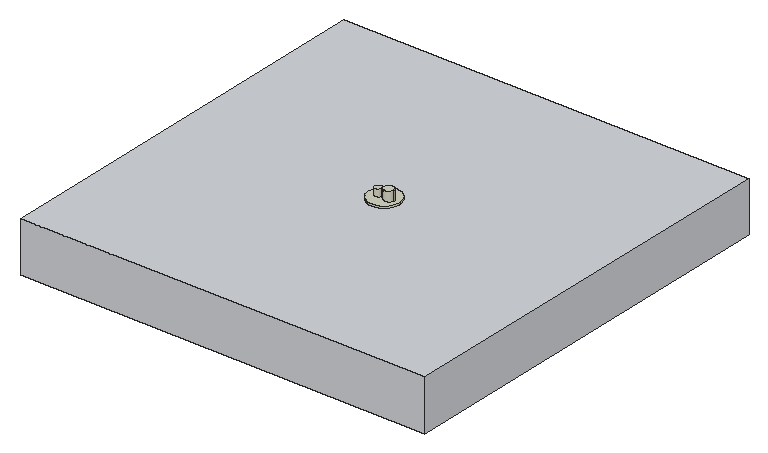
Revit family "OLDIS_ConceptEasyBox_A5879_BIM_GB", category Plumbing Fixtures, host Face, Revit 2012
Parameters (values of type "A5879AA - Concept Easybox Slim Built-in Thermostatic Bath Shower Mixer Round Faceplate")
  WorkingPressure = "n/a"
  WaterEfficientProduct = no
  WarrantyStartDate = "1900-12-31T23:59:59"
  WarrantyGuarantorParts = "Productinfo@thebluebook.co.uk"
  WarrantyGuarantorLabor = "n/a"
  WarrantyDurationUnit = "year"
  WarrantyDurationParts = "5"
  WarrantyDurationLabor = "n/a"
  WarrantyDescription = "Manufacturers warranty"
  WRAS = no
  VolumeUnits = "Litres"
  Version = "1"
  Uniclass2 = "Pr_40_20_87_81"
  URL = "www.idealspec.co.uk"
  Type Comments = "n/a"
  TestPressure = "10 Bar"
  TagNumber = "n/a"
  TMV3 = no
  SustainabilityPerformance = "Can be recycled"
  SpareParts = "www.fastpart-spares.co.uk"
  Space = "Internal"
  Size = "164 x 185 x 185 mm"
  Shape = "Sculptured"
  SerialNumber = "n/a"
  Revision = "n/a"
  ReplacementCost = "n/a"
  Reference = "n/a"
  ProductInformation = "www.idealspec.co.uk/assets/datasheet/A5879AA"
  Phone = "01482 346 461"
  NominalWidth = 185 mm
  NominalLength = 185 mm
  NominalHeight = 164 mm
  NettWeight = "3 Kg"
  Name = "ShowerMixers_ConceptEasyBox_A5879_IdealStandard"
  NBSTypeID = "n/a"
  NBSReference = "45-35-70/335"
  NBSOfficeMasterTag = "n/a"
  NBSNote = "n/a"
  NBSDescription = "Shower mixers"
  NBSCertification = "n/a"
  ModelReference = "Concept easybox slim built-in thermostatic bath shower mixer round faceplate"
  ModelNumber = "A5879AA"
  Model = "A5879AA"
  ManufacturerURL = "www.idealspec.co.uk"
  Manufacturer = "productinfo@thebluebook.co.uk"
  LinearUnits = "millimeters"
  InstallationInstructions = "www.idealspec.co.uk/resources.html"
  InstallationDate = "1900-12-31T23:59:59"
  IfcExportType = "FAUCET"
  IfcExportAs = "IfcValveType"
  Help = "Productinfo@thebluebook.co.uk"
  GrossWeight = "n/a"
  Grade = "n/a"
  Finish = "Chrome"
  Features = "Slim built-in thermostatic bath shower mixer round faceplate"
  FaucetType = "Other"
  FaucetTopDescription = "Handwheels"
  FaucetOperation = "Other"
  FaucetFunction = "MIXED"
  ExpectedLife = "30"
  ECA = no
  DurationUnit = "year"
  Description = "Concept easybox slim built-in thermostatic bath shower mixer round faceplate"
  Default Elevation = 1100 mm
  Currency Units = "n/a"
  CreatedBy = "Ideal Standard (UK) Ltd"
  Constituents = "n/a"
  ConnectionType = "Plumbing"
  Brand = "Ideal Standard"
  BarCode = "4015413330213"
  BREEAM = no
  BIMObjectName = "ISI_IdealStandard_ShowerMixers_ConceptEasyBox_A5879"
  Author = "Ideal Standard (UK) Ltd"
  AssetType = "Fixed"
  AssetIdentifier = "n/a"
  Assembly Code = "C1030200"
  AreaUnits = "millimeters"
  AreaMeasurement = "n/a"
  AccessibilityPerformance = "n/a"
Reference planes
  plane 1 "Center (Front/Back)": y = 0
  plane 2: z = 0
  plane 3 "Center (Left/Right)": x = 0
  plane 4: x = -67.5
  plane 5: x = 92.5
  plane 6: y = 92.5
  plane 7: y = -92.5
  plane 8: x = -92.5
  plane 9: x = 28
  plane 10: y = 55
  plane 11: y = -55
  plane 12: x = -37
  plane 13: z = -50
Forms (mm)
  Extrusion 1, solid
    sketch origin (0, 0, 0) x (1, 0, 0) y (0, 1, 0)
      loop
        line (-1219.2, 1219.2) -> (-1219.2, -1219.2) -> (1219.2, -1219.2) -> (1219.2, 1219.2) -> (-1219.2, 1219.2)
    from 0 to -304.8
  Extrusion 2, solid, detail levels medium+fine
    sketch origin (15, 2.233, 0) x (1, 0, 0) y (0, 1, 0)
      loop
        line (-82.5, 52.767) -> (-82.5, -57.233) -> (53.5, -57.233) -> (53.5, 52.767) -> (-82.5, 52.767)
    from 0 to -100.188
  Extrusion 3, void
    sketch origin (-67.5, -100, 1219.2) x (0, 1, 0) y (0, 0, 1)
      loop
        circle (100, -1269.2) r 10.5
    from 0 to 10
  Extrusion 4, solid, material "ISI_IdealStandard_Brassware_Chrome3_Render", detail levels medium+fine
    sketch origin (0, 0, 0) x (1, 0, 0) y (0, 1, 0)
      loop
        circle (0, 0) r 92.5
    from 0 to 10
  Extrusion 5, solid, material "ISI_IdealStandard_Brassware_Chrome3_Render", detail levels medium+fine
    sketch origin (0, 0, 0) x (1, 0, 0) y (0, 1, 0)
      loop
        circle (28, 0) r 28
    from 0 to 63
  Extrusion 6, solid, material "ISI_IdealStandard_Brassware_Chrome3_Render", detail levels medium+fine
    sketch origin (0, 0, 0) x (1, 0, 0) y (0, 1, 0)
      loop
        circle (-37, 0) r 20
    from 0 to 47
  Extrusion 7, void
    sketch origin (68.5, 55, 1219.2) x (-1, 0, 0) y (0, 0, 1)
      loop
        circle (68.5, -1269.2) r 10.5
    from 0 to -10
  Extrusion 8, void
    sketch origin (68.5, -55, 1219.2) x (-1, 0, 0) y (0, 0, -1)
      loop
        circle (68.5, 1269.2) r 10.5
    from 0 to -10
Cuts and joins
  Extrusion 3, Extrusion 7, Extrusion 8 cuts Extrusion 2
Dimensions and locks
  "NominalLength": plane 8 to plane 5
  "NominalWidth": plane 6 to plane 7
  equal spacing: plane 8, plane 3 "Center (Left/Right)", plane 5
  equal spacing: plane 6, plane 1 "Center (Front/Back)", plane 7
  equal spacing: cut or joined group of Extrusion 2, Extrusion 3, Extrusion 7, Extrusion 8, plane 1 "Center (Front/Back)", cut or joined group of Extrusion 2, Extrusion 3, Extrusion 7, Extrusion 8
  cut or joined group of Extrusion 2, Extrusion 3, Extrusion 7, Extrusion 8 to cut or joined group of Extrusion 2, Extrusion 3, Extrusion 7, Extrusion 8 = 110 mm
  aligned and locked: plane 2 to Extrusion 1
  aligned and locked: level to Extrusion 1
  aligned and locked: plane 10 to cut or joined group of Extrusion 2, Extrusion 3, Extrusion 7, Extrusion 8
  aligned and locked: plane 11 to cut or joined group of Extrusion 2, Extrusion 3, Extrusion 7, Extrusion 8
  aligned and locked: Extrusion 2 to Extrusion 8
Automatic sketch dimensions
  Extrusion 1 sketch curve to Extrusion 1 sketch curve = 2438.4 mm  (x2)
  Extrusion 2 sketch curve to plane 4 = 0 mm
  plane 11 to Extrusion 2 sketch curve = 0 mm
  plane 10 to Extrusion 2 sketch curve = 0 mm
  plane 5 to Extrusion 2 sketch curve = 24 mm
  Extrusion 3 sketch curve to plane 1 "Center (Front/Back)" = 0 mm
  plane 13 to Extrusion 3 sketch curve = 0 mm
  plane 1 "Center (Front/Back)" to Extrusion 4 sketch curve = 0 mm
  Extrusion 4 sketch curve to plane 3 "Center (Left/Right)" = 0 mm
  plane 1 "Center (Front/Back)" to Extrusion 5 sketch curve = 0 mm
  Extrusion 5 sketch curve to plane 9 = 0 mm
  plane 1 "Center (Front/Back)" to Extrusion 6 sketch curve = 0 mm
  Extrusion 6 sketch curve to plane 12 = 0 mm
  Extrusion 7 sketch curve to plane 3 "Center (Left/Right)" = 0 mm
  Extrusion 7 sketch curve to plane 13 = 0 mm
  Extrusion 8 sketch curve to plane 3 "Center (Left/Right)" = 0 mm
  Extrusion 8 sketch curve to plane 13 = 0 mm
  radius of Extrusion 3 sketch curve = 10.5 mm
  radius of Extrusion 4 sketch curve = 92.5 mm
  radius of Extrusion 5 sketch curve = 28 mm
  radius of Extrusion 6 sketch curve = 20 mm
  radius of Extrusion 7 sketch curve = 10.5 mm
  radius of Extrusion 8 sketch curve = 10.5 mm
Connectors
  piping at (-67.5, 0, -50.094)
    settings: on cut or joined group of Extrusion 2, Extrusion 3, Extrusion 7, Extrusion 8, index 1, connector radius 0.41339", flow factor 0, pipe flow 0 GPM, pressure drop 0.00 psi, fitting loss kfactor 0, connector angle 0.00°, fixture units 0, engagement length 0 mm, flow configuration 2, flow direction 2, fitting loss method 0, system type 19, joint type 0, gender type 0, connector reference index -1, connector utility 0, adjustable connector no, is connector primary yes, fitting loss table "", connector description ""
  piping at (-67.5, 0, -50.094)
    settings: on cut or joined group of Extrusion 2, Extrusion 3, Extrusion 7, Extrusion 8, index 2, connector radius 0.41339", flow factor 0, pipe flow 0 GPM, pressure drop 0.00 psi, fitting loss kfactor 0, connector angle 0.00°, fixture units 0, engagement length 0 mm, flow configuration 2, flow direction 2, fitting loss method 0, system type 22, joint type 0, gender type 0, connector reference index -1, connector utility 0, adjustable connector no, is connector primary no, fitting loss table "", connector description ""
  piping at (-67.5, 0, -50.094)
    settings: on cut or joined group of Extrusion 2, Extrusion 3, Extrusion 7, Extrusion 8, index 3, connector radius 0.41339", flow factor 0, pipe flow 0 GPM, pressure drop 0.00 psi, fitting loss kfactor 0, connector angle 0.00°, fixture units 0, engagement length 0 mm, flow configuration 2, flow direction 1, fitting loss method 0, system type 19, joint type 0, gender type 0, connector reference index -1, connector utility 0, adjustable connector no, is connector primary no, fitting loss table "", connector description ""
  piping at (0, 55, -50)
    settings: on cut or joined group of Extrusion 2, Extrusion 3, Extrusion 7, Extrusion 8, index 4, connector radius 0.41339", flow factor 0, pipe flow 0 GPM, pressure drop 0.00 psi, fitting loss kfactor 0, connector angle 0.00°, fixture units 0, engagement length 0 mm, flow configuration 2, flow direction 1, fitting loss method 0, system type 20, joint type 0, gender type 0, connector reference index -1, connector utility 0, adjustable connector no, is connector primary no, fitting loss table "", connector description ""
  piping at (0, -55, -50)
    settings: on cut or joined group of Extrusion 2, Extrusion 3, Extrusion 7, Extrusion 8, index 5, connector radius 0.41339", flow factor 0, pipe flow 0 GPM, pressure drop 0.00 psi, fitting loss kfactor 0, connector angle 0.00°, fixture units 0, engagement length 0 mm, flow configuration 2, flow direction 1, fitting loss method 0, system type 19, joint type 0, gender type 0, connector reference index -1, connector utility 0, adjustable connector no, is connector primary no, fitting loss table "", connector description ""
